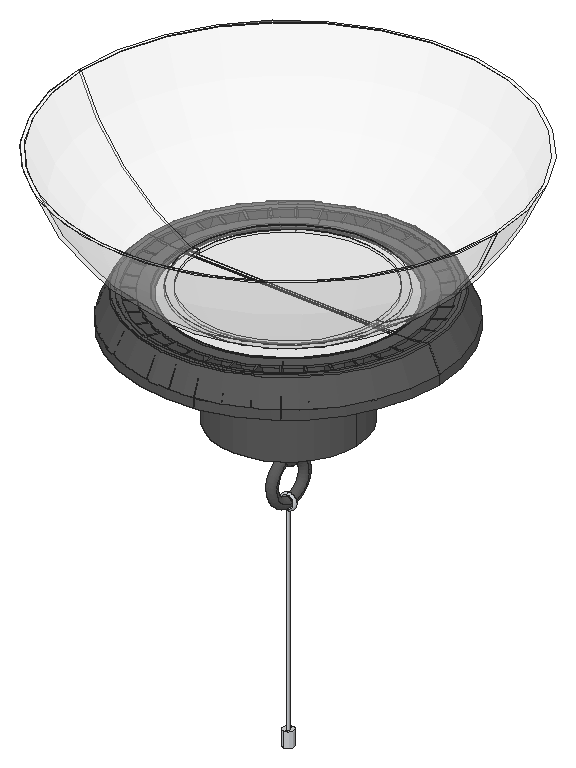
Revit family "0039348+0039358 Feilo Sylvania Lighting Fixture START HIGHBAY 4K 19KLM WIDE with PC LAMPSHADE TRANSPARENT 13_19KLM", category Lighting Fixtures, host Face, Revit 2017
Family settings
  Host = Face
  Round Connector Dimension = Use Diameter
  Part Type = Normal
  OmniClass Number = 23.80.70.00
  OmniClass Title = Lighting
  Cut with Voids When Loaded = No
  Light Source = Yes
  Shared = No
  Room Calculation Point = No
Parameters (values of type "0039348+0039358 START HIGHBAY 4K 19KLM WIDE PC LAMPSHADE TRANSPARENT 13/19KLM")
  WidthStraight_FEILO = if(SizeS_FEILO, 3 mm, if(SizeM_FEILO, 4 mm, 4.7 mm))  # 4 mm
  WidthRingChamfer_FEILO = if(SizeS_FEILO, 10.3 mm, if(SizeM_FEILO, 11.2 mm, 12.9 mm))  # 11.2 mm
  WidthCurved_FEILO = if(SizeS_FEILO, 17.4 mm, if(SizeM_FEILO, 16.4 mm, 26.2 mm))  # 16.4 mm
  WidthCurvedRing_FEILO = if(SizeS_FEILO, 3 mm, if(SizeM_FEILO, 4 mm, 4.7 mm))  # 4 mm
  WidthBracket_FEILO = 40 mm
  Weight = "3.4 kg"
  Wattage Comments = ""
  Wattage = 150 W
  WarrantyStartDate [instance] = "n/a"
  WarrantyGuarantorParts = "n/a"
  WarrantyDurationUnit = "n/a"
  WarrantyDurationParts = "n/a"
  WarrantyDescription = "n/a"
  built-in parameter 1150110 = 1 (stored number, unit not read)
  Voltage = 230 V
  VisibilityBracket_FEILO = no
  URL = "http://www.sylvania-lighting.com"
  TypeName = "START HIGHBAY 4K 19KLM WIDE PC LAMPSHADE TRANSPARENT 13/19KLM"
  Type Image = <None>
  Type Comments = "n/a"
  built-in parameter 1114217 = 1 (stored number, unit not read)
  Tilt Angle = -90.00°
  ThicknessWall_FEILO = 1.5 mm
  ThicknessBracket_FEILO = 1.5 mm
  ThicknessBracketHalf_FEILO = ThicknessBracket_FEILO / 2  # 0.75 mm
  built-in parameter 1150109 = 1 (stored number, unit not read)
  built-in parameter 1150134 = 12
  SuspensionHeight_FEILO [instance] = 400 mm
  built-in parameter 1150113 = 1 (stored number, unit not read)
  SizeS_FEILO = no
  SizeM_FEILO = yes
  ShadeThickness_FEILO = 3 mm
  ShadeSizeSM_FEILO = or(SizeS_FEILO, SizeM_FEILO)  # yes
  ShadeRadiusOut_FEILO = 205 mm
  ShadeRadiusIn_FEILO = if(ShadeSizeSM_FEILO, 95 mm, 121 mm)  # 95 mm
  ShadeRadiusBend_FEILO = if(ShadeSizeSM_FEILO, 210 mm, 210 mm)  # 210 mm
  ShadeHeight_FEILO = if(ShadeSizeSM_FEILO, 120 mm, 151 mm)  # 120 mm
  SerialNumber [instance] = "n/a"
  Rib4_FEILO = if(SizeS_FEILO, 18.1 mm, if(SizeM_FEILO, 13.6 mm, 14.6 mm))  # 13.6 mm
  Rib3_FEILO = if(SizeS_FEILO, 15.3 mm, if(SizeM_FEILO, 17.6 mm, 20.2 mm))  # 17.6 mm
  Rib2_FEILO = if(SizeS_FEILO, 3.6 mm, if(SizeM_FEILO, 3.9 mm, 4.5 mm))  # 3.9 mm
  Rib1_FEILO = if(SizeS_FEILO, 15.1 mm, if(SizeM_FEILO, 16.5 mm, 19 mm))  # 16.5 mm
  RadiusDiffuser_FEILO = if(SizeS_FEILO, 95.2 mm, if(SizeM_FEILO, 105.3 mm, 120 mm))  # 105.3 mm
  RadiusArrayPost_FEILO = DriverRadius_FEILO - 6 mm  # 61.2 mm
  RHRadius3_FEILO = if(SizeS_FEILO, 6.6 mm, if(SizeM_FEILO, 7.4 mm, 8.6 mm))  # 7.4 mm
  RHRadius2_FEILO = if(SizeS_FEILO, 11 mm, if(SizeM_FEILO, 12 mm, 14 mm))  # 12 mm
  RHRadius1_FEILO = if(SizeS_FEILO, 13.6 mm, if(SizeM_FEILO, 14.9 mm, 17.7 mm))  # 14.9 mm
  RHHeight4_FEILO = if(SizeS_FEILO, 7.3 mm, if(SizeM_FEILO, 8 mm, 9.2 mm))  # 8 mm
  RHHeight3_FEILO = if(SizeS_FEILO, 3.6 mm, if(SizeM_FEILO, 3.7 mm, 4.6 mm))  # 3.7 mm
  RHHeight2_FEILO = if(SizeS_FEILO, 2 mm, if(SizeM_FEILO, 2.2 mm, 2.6 mm))  # 2.2 mm
  RHHeight1_FEILO = if(SizeS_FEILO, 11.8 mm, if(SizeM_FEILO, 15.3 mm, 17.4 mm))  # 15.3 mm
  Photometric Web File = "0039348+0039358.ies"
  Material_5_FEILO = Shade-Sylvania-StartHighbay-PC
  Material_3_FEILO = LED-Sylvania-StartHighbay-Glow
  PowerFactor = 0.95
  PowerConsumption = "150 W"
  NominalLength = 296 mm
  NominalHeight = 177 mm
  NominalDepth = 296 mm
  Name = "START HIGHBAY 4K 19KLM WIDE PC LAMPSHADE TRANSPARENT 13/19KLM"
  ModelReference = Name  # "START HIGHBAY 4K 19KLM WIDE PC LAMPSHADE TRANSPARENT 13/19KLM"
  ModelNumber = "0039348+0039358"
  Model = Name  # "START HIGHBAY 4K 19KLM WIDE PC LAMPSHADE TRANSPARENT 13/19KLM"
  Material = "aluminium alloy housing, polycarbonate diffuser"
  ManufacturerName = "Feilo Sylvania"
  Manufacturer = "Feilo Sylvania"
  LuminousEfficacy = "130 lm/W"
  built-in parameter 1150105 = 10854.2 (stored number, unit not read)
  Lumens = 19500 lm
  LuminaireType = ""
  built-in parameter 1150115 = 1 (stored number, unit not read)
  LightOutputRatio = "n/a"
  built-in parameter 1150137 = (empty or 0)
  built-in parameter 1150139 = (empty or 0)
  LampsType = Lamp  # "LED"
  LampNominalLuminous = "19500 lm"
  LampMacAdamStep = "n/a"
  LampColourTemperature = "4000 K"
  LampColourRenderingIndex = "80"
  built-in parameter 1150112 = 1 (stored number, unit not read)
  built-in parameter 1150114 = 1 (stored number, unit not read)
  Lamp = "LED"
  Keynote = "16500"
  InstallationDate [instance] = "n/a"
  InputVoltage = "220-240V~"
  InputNominalFrequency = "50/60 Hz"
  built-in parameter 1150132 = (empty or 0)
  built-in parameter 1150102 = (empty or 0)
  built-in parameter 1150107 = 4000 (stored number, unit not read)
  built-in parameter 1150138 = (empty or 0)
  IngressProtection = "IP65"
  ImpactProtectionIndex = "IK08"
  built-in parameter 1150106 = 108.54 (stored number, unit not read)
  IfcExportType = "IfcLightFixtureType"
  IfcExportAs = "IfcLightFixtureType"
  HeightRing_FEILO = if(SizeS_FEILO, 19.8 mm, if(SizeM_FEILO, 32 mm, 36.8 mm))  # 32 mm
  HeightRingChamfer_FEILO = if(SizeS_FEILO, 11.7 mm, if(SizeM_FEILO, 23.2 mm, 26.6 mm))  # 23.2 mm
  EyeThickness_FEILO = if(SizeS_FEILO, 8.4 mm, if(SizeM_FEILO, 9.2 mm, 10.5 mm))  # 9.2 mm
  EyeThicknessHalf_FEILO = EyeThickness_FEILO / 2  # 4.6 mm
  EyeInner_FEILO = if(SizeS_FEILO, 13.8 mm, if(SizeM_FEILO, 15.1 mm, 17.3 mm))  # 15.1 mm
  ExpectedLife = 50000
  Emit from Circle Diameter = RadiusDiffuser_FEILO * 2  # 210.6 mm
  Emit Shape Visible in Rendering = no
  ElectricShockClassification = "Class I"
  built-in parameter 1150104 = 12.077 (stored number, unit not read)
  DurationUnit = "hours"
  DriverVerticalStraight_FEILO = if(SizeS_FEILO, 46.5 mm, if(SizeM_FEILO, 49.7 mm, 57 mm))  # 49.7 mm
  DriverVerticalChamfer_FEILO = if(SizeS_FEILO, 7.5 mm, if(SizeM_FEILO, 8.2 mm, 9.5 mm))  # 8.2 mm
  DriverRadius_FEILO = if(SizeS_FEILO, 61.4 mm, if(SizeM_FEILO, 67.2 mm, 76.4 mm))  # 67.2 mm
  DriverRadiusTop_FEILO = if(SizeS_FEILO, 42 mm, if(SizeM_FEILO, 45.3 mm, 52.4 mm))  # 45.3 mm
  DriverBottom_FEILO = if(SizeS_FEILO, 56 mm, if(SizeM_FEILO, 64.5 mm, 74 mm))  # 64.5 mm
  DocumentationLiterature = "http://www.sylvania-lighting.com/product/en-int/products/0039348"
  DimmingControlOptions = "n/a"
  Material_2_FEILO = Diffuser-Sylvania-StartHighbay-Transparent
  Radius_FEILO = if(SizeS_FEILO, 135 mm, if(SizeM_FEILO, 148 mm, 169.5 mm))  # 148 mm
  Dimming Lamp Color Temperature Shift = <None>
  DiameterWire_FEILO = 3 mm
  DiameterWireSupport_FEILO = 10 mm
  Description = "START HIGHBAY, includes 1 m cables, black aluminium housing, 19500LM, 150W, 130lm/W, 4000K, Driver current: 3210mA, CR80, 90° beam angle, 1-10V dimmable,  IP65, IK08, 50,000 hrs (L70B50), (LxWxH) 296x296x177mm"
  Default Elevation = 1219.2 mm
  CreatedOn = "2/28/2018"
  CreatedBy = ""
  Cost = 0
  Color Filter = 16777215
  built-in parameter 1114216 [instance] = (empty or 0)
  ClassificationValue = "EF_70_80"
  ClassificationName = "Uniclass2015"
  Material_1_FEILO = Body-Sylvania-StartHighbay-Black
  BarCode [instance] = "n/a"
  built-in parameter 1114218 = 1 (stored number, unit not read)
  built-in parameter 1150133 = 10 (stored number, unit not read)
  AssetType = "Fixed"
  AssetIdentifier [instance] = "n/a"
  Assembly Code = "D5020200"
  Apparent Load = 150 VA
  Material_4_FEILO = Shade-Sylvania-StartHighbay-PC
Reference planes
  plane 1 "Center (Front/Back)": y = 0
  plane 2: z = 0
  plane 3 "Center (Left/Right)": x = 0
  plane 4: z = 400
  plane 5: x = -148
  plane 6: x = -136.8
  plane 7: z = 376.8
  plane 8: z = 368
  plane 9: x = -132.8
  plane 10: z = 397.375
  plane 11: x = -116.4
  plane 12: x = -105.3
  plane 13: x = -128.8
  plane 14: z = 398.375
  plane 15: z = 396.375
  plane 16: x = -102.3
  plane 17: z = 395.375
  plane 18: x = -146.5
  plane 19: x = -131.5
  plane 20: z = 364.1
  plane 21: x = -113.9
  plane 22: z = 350.5
  plane 23: x = -20
  plane 24: z = 335.5
  plane 25: x = -67.2
  plane 26: z = 285.8
  plane 27: x = -45.3
  plane 28: z = 277.6
  plane 29: x = -14.9
  plane 30: z = 262.3
  plane 31: z = 260.1
  plane 32: x = -12
  plane 33: z = 256.4
  plane 34: z = 248.4
  plane 35: x = -7.4
  plane 36: z = 233.3
  plane 37: z = 218.2
  plane 38: x = 4.6
  plane 39: x = -4.6
  plane 40: z = 209
  plane 41: z = 213.6
  plane 42: x = -141.65
  plane 43: x = -145.5
  plane 44: z = 366.5
  plane 45: x = -135.3
  plane 46: z = 310.65
  plane 47: y = -20
  plane 48: y = 20
  plane 49: x = 148
  plane 50: x = 136.8
  plane 51: x = 146.5
  plane 52: x = 141.65
  plane 53: x = 145.5
  plane 54: x = 135.3
  plane 55: z = 221.2
  plane 56: y = 1.5
  plane 57: y = -1.5
  plane 58: z = 219.7
  plane 59: z = 207.5
  plane 60: z = 206
  plane 61: y = -5
  plane 62: y = 5
  plane 63: z = 14
  plane 64: x = -205
  plane 65: z = 520
  plane 66: x = -95
  plane 67: x = -87
  plane 68: x = -202
  plane 69: z = 403
Forms (mm)
  Revolve 1, solid, material "Body-Sylvania-StartHighbay-Black" <- "Material_1_FEILO", detail levels medium+fine
    sketch origin (0, 0, 0) x (1, 0, 0) y (0, 0, 1)
      loop
        line (-148, 368) -> (-146.5, 368) -> (-146.5, 376.457) -> (-136.402, 397.375) -> (-128.8, 397.375) -> (-128.8, 398.859)
        arc (-128.8, 398.859) -> (-130.811, 399.39) -> (-132.8, 400) r 52.543
        line (-132.8, 400) -> (-136.341, 400)
        arc (-136.341, 400) -> (-136.831, 399.825) -> (-137.099, 399.38) r 0.774
        line (-137.099, 399.38) -> (-148, 376.8) -> (-148, 368)
      axis (0, 400) -> (0, 368)
    angle from 360 to 0
  Revolve 2, solid, material "Body-Sylvania-StartHighbay-Black" <- "Material_1_FEILO", detail levels medium+fine
    sketch origin (0, 0, 0) x (1, 0, 0) y (0, 0, 1)
      loop
        line (-116.4, 395.375) -> (-105.3, 395.375) -> (-105.3, 376.8) -> (0, 376.8) -> (0, 395.375) -> (-102.3, 395.375) -> (-102.3, 396.375) -> (-105.3, 396.375) -> (-105.3, 397.375) -> (-116.4, 397.375) -> (-116.4, 395.375)
      axis (0, 397.375) -> (0, 376.8)
    angle from 360 to 0
  Revolve 3, solid, material "Diffuser-Sylvania-StartHighbay-Transparent" <- "Material_2_FEILO", detail levels medium+fine
    sketch origin (0, 0, 0) x (1, 0, 0) y (0, 0, 1)
      loop
        line (-105.3, 396.375) -> (0, 396.375) -> (0, 398.375) -> (-105.3, 398.375) -> (-105.3, 396.375)
      axis (0, 398.375) -> (0, 396.375)
    angle from 360 to 0
  Revolve 4, solid, material "Body-Sylvania-StartHighbay-Black" <- "Material_1_FEILO"
    sketch origin (0, 0, 0) x (1, 0, 0) y (0, 0, 1)
      loop
        line (-67.2, 350.5) -> (-67.2, 285.8) -> (-45.3, 277.6) -> (-14.9, 277.6) -> (-14.9, 262.3) -> (-12, 260.1) -> (-12, 256.4) -> (-7.837, 249.126)
        arc (-7.837, 249.126) -> (-7.29, 248.594) -> (-6.553, 248.4) r 1.5
        line (-6.553, 248.4) -> (0, 248.4) -> (0, 350.5) -> (-67.2, 350.5)
      axis (0, 350.5) -> (0, 248.4)
    angle from 360 to 0
  Revolve 5, solid, material "Body-Sylvania-StartHighbay-Black" <- "Material_1_FEILO"
    sketch origin (0, 0, 0) x (1, 0, 0) y (0, 0, 1)
      loop
        circle (0, 213.6) r 4.6
      axis (4.6, 233.3) -> (-4.6, 233.3)
    angle from 360 to 0
  Extrusion 6, solid, material "Body-Sylvania-StartHighbay-Black" <- "Material_1_FEILO", visible <- "VisibilityBracket_FEILO"
    sketch origin (0, 0, 0) x (1, 0, 0) y (0, 0, 1)
      loop
        line (-145.5, 368) -> (-145.5, 366.5) -> (-137.55, 366.5)
        arc (-137.55, 366.5) -> (-137.02, 366.28) -> (-136.8, 365.75) r 0.75
        line (-136.8, 365.75) -> (-136.8, 310.65) -> (-135.3, 310.65) -> (-135.3, 366.5)
        arc (-135.3, 366.5) -> (-135.739, 367.561) -> (-136.8, 368) r 1.5
        line (-136.8, 368) -> (-145.5, 368)
      loop
        line (145.5, 368) -> (136.8, 368)
        arc (136.8, 368) -> (135.739, 367.561) -> (135.3, 366.5) r 1.5
        line (135.3, 366.5) -> (135.3, 310.65) -> (136.8, 310.65) -> (136.8, 365.75)
        arc (136.8, 365.75) -> (137.02, 366.28) -> (137.55, 366.5) r 0.75
        line (137.55, 366.5) -> (145.5, 366.5) -> (145.5, 368)
    from -20 to 20
  Extrusion 7, void
    sketch origin (0, 0, 0) x (0, 1, 0) y (0, 0, 1)
      loop
        arc (-10, 310.65) -> (-17.071, 313.579) -> (-20, 320.65) r 10
        line (-20, 320.65) -> (-25, 320.65) -> (-25, 305.65) -> (-10, 305.65) -> (-10, 310.65)
      loop
        line (10, 310.65) -> (10, 305.65) -> (25, 305.65) -> (25, 320.65) -> (20, 320.65)
        arc (20, 320.65) -> (17.071, 313.579) -> (10, 310.65) r 10
    from -136.8 to 136.8
  Revolve 8, solid, material "Body-Sylvania-StartHighbay-Black" <- "Material_1_FEILO", detail levels coarse
    sketch origin (0, 0, 0) x (1, 0, 0) y (0, 0, 1)
      loop
        line (0, 400) -> (-136.8, 400) -> (-148, 376.8) -> (-148, 368) -> (-131.5, 368) -> (-131.5, 364.1) -> (-113.9, 350.5) -> (0, 350.5) -> (0, 400)
      axis (0, 400) -> (0, 350.5)
    angle from 360 to 0
  Revolve 9, solid
    sketch origin (0, 0, 0) x (0, 1, 0) y (0, 0, 1)
      loop
        circle (0, 219.7) r 1.5
      axis (1.5, 213.6) -> (-1.5, 213.6)
    angle from 360 to 0
  Revolve 10, solid
    sketch origin (0, 0, 0) x (0, 1, 0) y (0, 0, 1)
      loop
        line (0, 0) -> (0, 207.5) -> (-1.5, 207.5) -> (-1.5, 14) -> (-5, 14) -> (-5, 0) -> (0, 0)
      axis (0, 0) -> (0, 207.5)
    angle from 360 to 0
  Revolve 11, solid, material "Shade-Sylvania-StartHighbay-PC" <- "Material_4_FEILO"
    sketch origin (0, 0, 0) x (1, 0, 0) y (0, 0, 1)
      loop
        line (-95, 400) -> (-87, 400) -> (-87, 403) -> (-94.341, 403)
        arc (-94.341, 403) -> (-159.747, 450.78) -> (-201.81, 520) r 207
        line (-201.81, 520) -> (-205, 520)
        arc (-205, 520) -> (-162.101, 448.908) -> (-95, 400) r 210
      axis (0, 520) -> (0, 400)
    angle from 360 to 0
Cuts and joins
  Extrusion 7 cuts Extrusion 6
Lines and regions (mm)
  reference lines
    curve 1: line (-148, 0, 376.8) -> (-136.8, 0, 400)
    curve 2: line (-116.4, 0, 397.375) -> (0, 0, 397.375)
    curve 3: arc (-116.4, 0, 397.375) -> (-124.704, 0, 398.035) -> (-132.8, 0, 400) r 52.543
    curve 4: line (-136.8, 0, 400) -> (-132.8, 0, 400)
    curve 5: line (-136.402, 0, 397.375) -> (-146.5, 0, 376.457)
    curve 6: line (-131.5, 0, 364.1) -> (-113.9, 0, 350.5)
    curve 7: line (-12, 0, 256.4) -> (-7.4, 0, 248.4)
    curve 8: circle (0, 0, 213.6) r 4.6 normal (0, -1, 0)
    curve 9: arc (-95, 0, 400) -> (-162.101, 0, 448.908) -> (-205, 0, 520) r 210
Dimensions and locks
  "Radius_FEILO": plane 3 "Center (Left/Right)" to plane 5
  "WidthRingChamfer_FEILO": plane 6 to plane 5
  "WidthStraight_FEILO": plane 9 to plane 6
  "WidthCurvedRing_FEILO": plane 13 to plane 9
  locked: plane 10 to plane 15 at 1
  locked: plane 14 to plane 10 at 1
  locked: plane 4 to plane 10 at 2.625
  locked: plane 15 to plane 17 at 1
  "ThicknessWall_FEILO": plane 18 to plane 5
  "ThicknessWall_FEILO": curve 5 to curve 1
  "HeightRingChamfer_FEILO": plane 4 to plane 7
  "HeightRing_FEILO": plane 4 to plane 8
  "RadiusDiffuser_FEILO": plane 3 "Center (Left/Right)" to plane 12
  locked: plane 16 to plane 12 at 3
  "WidthCurved_FEILO": plane 11 to plane 9
  "SuspensionHeight_FEILO": plane 4 to plane 2
  "Rib1_FEILO": plane 19 to plane 5
  "Rib2_FEILO": plane 8 to plane 20
  "Rib3_FEILO": plane 21 to plane 19
  "Rib4_FEILO": plane 20 to plane 22
  locked: plane 3 "Center (Left/Right)" to plane 23 at 20
  "DriverBottom_FEILO": plane 4 to plane 24
  "DriverRadius_FEILO": plane 3 "Center (Left/Right)" to plane 25
  "DriverVerticalStraight_FEILO": plane 24 to plane 26
  "DriverRadiusTop_FEILO": plane 3 "Center (Left/Right)" to plane 27
  "DriverVerticalChamfer_FEILO": plane 26 to plane 28
  "RHRadius1_FEILO": plane 3 "Center (Left/Right)" to plane 29
  "RHHeight2_FEILO": plane 30 to plane 31
  "RHRadius2_FEILO": plane 3 "Center (Left/Right)" to plane 32
  "RHHeight3_FEILO": plane 31 to plane 33
  "RHHeight4_FEILO": plane 33 to plane 34
  "RHRadius3_FEILO": plane 3 "Center (Left/Right)" to plane 35
  "RHHeight1_FEILO": plane 28 to plane 30
  "EyeInner_FEILO": plane 34 to plane 36
  "EyeInner_FEILO": plane 36 to plane 37
  equal spacing: plane 38, plane 3 "Center (Left/Right)", plane 39
  "EyeThickness_FEILO": plane 38 to plane 39
  "EyeThickness_FEILO": plane 37 to plane 40
  equal spacing: plane 37, plane 41, plane 40
  equal spacing: plane 6, plane 42, plane 18
  "ThicknessBracket_FEILO": plane 45 to plane 6
  "ThicknessBracket_FEILO": plane 8 to plane 44
  locked: plane 43 to plane 18 at 1
  equal spacing: plane 24, plane 46, plane 26
  equal spacing: plane 47, plane 1 "Center (Front/Back)", plane 48
  "WidthBracket_FEILO": plane 47 to plane 48
  "WidthRingChamfer_FEILO": plane 50 to plane 49
  "ThicknessWall_FEILO": plane 51 to plane 49
  equal spacing: plane 50, plane 52, plane 51
  "ThicknessBracket_FEILO": plane 54 to plane 50
  locked: plane 53 to plane 51 at 1
  "Radius_FEILO": plane 49 to plane 3 "Center (Left/Right)"
  equal spacing: plane 57, imposter light, plane 56
  "DiameterWire_FEILO": plane 57 to plane 56
  "DiameterWire_FEILO": plane 37 to plane 55
  equal spacing: plane 37, plane 58, plane 55
  "DiameterWire_FEILO": plane 60 to plane 40
  equal spacing: plane 60, plane 59, plane 40
  equal spacing: plane 61, plane 1 "Center (Front/Back)", plane 62
  "DiameterWireSupport_FEILO": plane 61 to plane 62
  locked: plane 63 to plane 2 at 14
  "ShadeRadiusOut_FEILO": plane 3 "Center (Left/Right)" to plane 64
  "ShadeHeight_FEILO": plane 65 to plane 4
  "ShadeRadiusIn_FEILO": plane 3 "Center (Left/Right)" to plane 66
  locked: plane 67 to plane 66 at 8
  "ShadeThickness_FEILO": plane 69 to plane 4
  "ShadeThickness_FEILO": plane 68 to plane 64
  "EyeThicknessHalf_FEILO": radius of curve 8
  "ThicknessBracket_FEILO": radius of Extrusion 6 sketch curve  (x2)
  "ThicknessBracketHalf_FEILO": radius of Extrusion 6 sketch curve  (x2)
  "DiameterWire_FEILO": diameter of Revolve 9 sketch curve
  "ShadeRadiusBend_FEILO": radius of curve 9
  aligned and locked: plane 2 to host face
  aligned and locked: level to host face
  aligned and locked: plane 5 to curve 1
  aligned and locked: plane 6 to curve 1
  aligned and locked: plane 7 to curve 1
  aligned and locked: plane 10 to curve 2
  aligned and locked: plane 9 to curve 3
  aligned and locked: plane 4 to curve 3
  aligned and locked: plane 11 to curve 3
  aligned and locked: plane 4 to curve 4
  aligned and locked: plane 18 to curve 5
  aligned and locked: plane 10 to curve 5
  aligned and locked: Revolve 1 sketch curve to plane 3 "Center (Left/Right)"
  aligned and locked: Revolve 1 sketch curve to curve 3
  aligned and locked: Revolve 1 sketch curve to curve 1
  aligned and locked: plane 4 to Revolve 1 sketch curve
  aligned and locked: plane 9 to Revolve 1 sketch curve
  aligned and locked: Revolve 1 sketch curve to plane 13
  aligned and locked: Revolve 1 sketch curve to plane 10
  aligned and locked: plane 13 to Revolve 1 sketch curve
  aligned and locked: plane 10 to Revolve 1 sketch curve
  aligned and locked: Revolve 1 sketch curve to plane 18
  aligned and locked: Revolve 1 sketch curve to plane 8
  aligned and locked: plane 5 to Revolve 1 sketch curve  (x2)
  aligned and locked: Revolve 2 sketch curve to plane 3 "Center (Left/Right)"
  aligned and locked: plane 11 to Revolve 2 sketch curve
  aligned and locked: Revolve 2 sketch curve to curve 2
  aligned and locked: plane 15 to Revolve 2 sketch curve
  aligned and locked: Revolve 2 sketch curve to plane 16
  aligned and locked: plane 17 to Revolve 2 sketch curve  (x2)
  aligned and locked: Revolve 2 sketch curve to plane 12
  aligned and locked: plane 7 to Revolve 2 sketch curve
  aligned and locked: Revolve 3 sketch curve to plane 3 "Center (Left/Right)"
  aligned and locked: Revolve 3 sketch curve to plane 14
  aligned and locked: plane 3 "Center (Left/Right)" to Revolve 3 sketch curve
  aligned and locked: Revolve 3 sketch curve to plane 12
  aligned and locked: plane 15 to Revolve 3 sketch curve
  aligned and locked: Revolve 1 sketch curve to curve 5
  aligned and locked: plane 22 to curve 6
  aligned and locked: plane 21 to curve 6
  aligned and locked: plane 20 to curve 6
  aligned and locked: plane 19 to curve 6
  aligned and locked: plane 33 to curve 7
  aligned and locked: plane 32 to curve 7
  aligned and locked: plane 35 to curve 7
  aligned and locked: plane 34 to curve 7
  aligned and locked: Revolve 4 sketch curve to plane 3 "Center (Left/Right)"
  aligned and locked: Revolve 4 sketch curve to plane 25
  aligned and locked: plane 27 to Revolve 4 sketch curve
  aligned and locked: plane 28 to Revolve 4 sketch curve
  aligned and locked: plane 30 to Revolve 4 sketch curve
  aligned and locked: Revolve 4 sketch curve to plane 29
  aligned and locked: plane 31 to Revolve 4 sketch curve
  aligned and locked: Revolve 4 sketch curve to curve 7
  aligned and locked: Revolve 4 sketch curve to plane 32
  aligned and locked: plane 34 to Revolve 4 sketch curve
  aligned and locked: plane 3 "Center (Left/Right)" to Revolve 4 sketch curve
  aligned and locked: plane 3 "Center (Left/Right)" to curve 8
  aligned and locked: plane 41 to curve 8
  aligned and locked: Revolve 5 sketch curve to plane 36
  aligned and locked: Revolve 5 sketch curve to curve 8
  aligned and locked: plane 43 to Extrusion 6 sketch curve  (x2)
  aligned and locked: plane 8 to Extrusion 6 sketch curve  (x3)
  aligned and locked: Extrusion 6 sketch curve to plane 45
  aligned and locked: Extrusion 6 sketch curve to plane 46  (x2)
  aligned and locked: plane 6 to Extrusion 6 sketch curve
  aligned and locked: Extrusion 6 sketch curve to plane 44  (x2)
  aligned and locked: Extrusion 6 to plane 48
  aligned and locked: plane 47 to Extrusion 6
  aligned and locked: plane 53 to Extrusion 6 sketch curve
  aligned and locked: plane 50 to Extrusion 6 sketch curve
  aligned and locked: Extrusion 6 sketch curve to plane 54
  aligned and locked: Extrusion 7 sketch curve to Extrusion 7 sketch curve
  aligned and locked: Extrusion 7 to plane 6
  aligned and locked: Extrusion 7 to Extrusion 6
  aligned and locked: Revolve 4 sketch curve to plane 22
  aligned and locked: plane 23 to nested 1
  aligned and locked: plane 1 "Center (Front/Back)" to nested 1
  aligned and locked: Revolve 8 sketch curve to plane 3 "Center (Left/Right)"
  aligned and locked: Revolve 8 sketch curve to plane 4
  aligned and locked: plane 6 to Revolve 8 sketch curve
  aligned and locked: plane 4 to Revolve 8 sketch curve
  aligned and locked: plane 7 to Revolve 8 sketch curve
  aligned and locked: Revolve 8 sketch curve to plane 5
  aligned and locked: plane 8 to Revolve 8 sketch curve  (x2)
  aligned and locked: Revolve 8 sketch curve to plane 19
  aligned and locked: plane 20 to Revolve 8 sketch curve
  aligned and locked: plane 19 to Revolve 8 sketch curve
  aligned and locked: plane 21 to Revolve 8 sketch curve
  aligned and locked: plane 22 to Revolve 8 sketch curve  (x2)
  aligned and locked: Revolve 8 sketch curve to Revolve 8 sketch curve
  aligned and locked: imposter light to plane 4
  aligned and locked: plane 3 "Center (Left/Right)" to imposter light
  aligned and locked: imposter light to plane 1 "Center (Front/Back)"
  aligned and locked: Revolve 9 sketch curve to plane 41
  aligned and locked: Revolve 10 sketch curve to plane 1 "Center (Front/Back)"
  aligned and locked: plane 1 "Center (Front/Back)" to Revolve 10 sketch curve  (x2)
  aligned and locked: host face to Revolve 10 sketch curve
  aligned and locked: plane 63 to Revolve 10 sketch curve
  aligned and locked: Revolve 10 sketch curve to plane 61
  aligned and locked: Revolve 10 sketch curve to plane 57
  aligned and locked: plane 59 to Revolve 10 sketch curve
  aligned and locked: plane 64 to curve 9
  aligned and locked: plane 65 to curve 9
  aligned and locked: plane 66 to curve 9
  aligned and locked: plane 4 to curve 9
  aligned and locked: Revolve 11 sketch curve to curve 9
  aligned and locked: plane 67 to Revolve 11 sketch curve
  aligned and locked: plane 66 to Revolve 11 sketch curve
  aligned and locked: plane 65 to Revolve 11 sketch curve  (x2)
  aligned and locked: Revolve 11 sketch curve to plane 67
  aligned and locked: plane 69 to Revolve 11 sketch curve
Automatic sketch dimensions
  host sketch curve to host sketch curve = 2438.4 mm  (x2)
  Revolve 1 sketch curve to plane 6 = 0.299 mm
  plane 6 to Revolve 1 sketch curve = 0.459 mm
  Revolve 1 sketch curve to level = 609.6 mm
  Revolve 1 sketch curve to Revolve 1 sketch curve = 2312.223 mm
  Revolve 2 sketch curve to plane 12 = 0 mm
  Revolve 2 sketch curve to plane 3 "Center (Left/Right)" = 0 mm
  Revolve 2 sketch curve to level = 609.6 mm
  Revolve 2 sketch curve to plane 4 = 2339.058 mm
  Revolve 3 sketch curve to level = 609.6 mm
  Revolve 3 sketch curve to plane 4 = 2339.058 mm
  Revolve 5 sketch curve to plane 5 = 1080 mm
  plane 38 to Revolve 5 sketch curve = 1219.2 mm
  Extrusion 7 sketch curve to plane 47 = 0 mm
  plane 46 to Extrusion 7 sketch curve = 0 mm  (x2)
  Extrusion 7 sketch curve to plane 48 = 0 mm
  plane 47 to Extrusion 7 sketch curve = 5 mm
  plane 1 "Center (Front/Back)" to Extrusion 7 sketch curve = 10 mm
  Extrusion 7 sketch curve to Extrusion 7 sketch curve = 10 mm
  plane 46 to Extrusion 7 sketch curve = 5 mm
  Extrusion 7 sketch curve to Extrusion 7 sketch curve = 5 mm
  Extrusion 7 sketch curve to plane 48 = 5 mm
  Revolve 4 sketch curve to plane 26 = 0 mm
  Revolve 4 sketch curve to plane 35 = 0.437 mm
  plane 35 to Revolve 4 sketch curve = 0.847 mm
  Revolve 4 sketch curve to plane 34 = 0.726 mm
  plane 40 to Revolve 4 sketch curve = 590.2 mm
  Revolve 4 sketch curve to plane 4 = 2339.058 mm
  Revolve 8 sketch curve to level = 609.6 mm
  Revolve 8 sketch curve to Revolve 8 sketch curve = 2386.058 mm
  Revolve 9 sketch curve to plane 1 "Center (Front/Back)" = 0 mm
  plane 58 to Revolve 9 sketch curve = 0 mm
  plane 47 to Revolve 9 sketch curve = 2534.941 mm
  Revolve 9 sketch curve to plane 48 = 2077.409 mm
  Revolve 10 sketch curve to Revolve 10 sketch curve = 609.6 mm
  Revolve 10 sketch curve to plane 4 = 2123.807 mm
  curve 2 to plane 3 "Center (Left/Right)" = 0 mm
  Revolve 11 sketch curve to Revolve 11 sketch curve = 0 mm  (x2)
  Revolve 11 sketch curve to plane 3 "Center (Left/Right)" = 0 mm
  plane 66 to Revolve 11 sketch curve = 0.659 mm
  Revolve 11 sketch curve to level = 609.6 mm
  Revolve 11 sketch curve to Revolve 11 sketch curve = 2068.248 mm
Nested families
  nested 1: "Start Highbay Rib" at (0, 0, 397.375), type "Type Name", detail levels medium+fine
    with SuspensionHeight_FEILO 2.6 mm
  nested 2: "Start Highbay Rib" at (0, 0, 397.375) x (0.9877, 0.1564, 0) z (0, 0, 1), type "Type Name", detail levels medium+fine
    with SuspensionHeight_FEILO 2.6 mm
  nested 3: "Start Highbay Rib" at (0, 0, 397.375) x (0.9511, 0.309, 0) z (0, 0, 1), type "Type Name", detail levels medium+fine
    with SuspensionHeight_FEILO 2.6 mm
  nested 4: "Start Highbay Rib" at (0, 0, 397.375) x (0.891, 0.454, 0) z (0, 0, 1), type "Type Name", detail levels medium+fine
    with SuspensionHeight_FEILO 2.6 mm
  nested 5: "Start Highbay Rib" at (0, 0, 397.375) x (0.809, 0.5878, 0) z (0, 0, 1), type "Type Name", detail levels medium+fine
    with SuspensionHeight_FEILO 2.6 mm
  nested 6: "Start Highbay Rib" at (0, 0, 397.375) x (0.7071, 0.7071, 0) z (0, 0, 1), type "Type Name", detail levels medium+fine
    with SuspensionHeight_FEILO 2.6 mm
  nested 7: "Start Highbay Rib" at (0, 0, 397.375) x (0.5878, 0.809, 0) z (0, 0, 1), type "Type Name", detail levels medium+fine
    with SuspensionHeight_FEILO 2.6 mm
  nested 8: "Start Highbay Rib" at (0, 0, 397.375) x (0.454, 0.891, 0) z (0, 0, 1), type "Type Name", detail levels medium+fine
    with SuspensionHeight_FEILO 2.6 mm
  nested 9: "Start Highbay Rib" at (0, 0, 397.375) x (0.309, 0.9511, 0) z (0, 0, 1), type "Type Name", detail levels medium+fine
    with SuspensionHeight_FEILO 2.6 mm
  nested 10: "Start Highbay Rib" at (0, 0, 397.375) x (0.1564, 0.9877, 0) z (0, 0, 1), type "Type Name", detail levels medium+fine
    with SuspensionHeight_FEILO 2.6 mm
  nested 11: "Start Highbay Rib" at (0, 0, 397.375) x (0, 1, 0) z (0, 0, 1), type "Type Name", detail levels medium+fine
    with SuspensionHeight_FEILO 2.6 mm
  nested 12: "Start Highbay Rib" at (0, 0, 397.375) x (-0.1564, 0.9877, 0) z (0, 0, 1), type "Type Name", detail levels medium+fine
    with SuspensionHeight_FEILO 2.6 mm
  nested 13: "Start Highbay Rib" at (0, 0, 397.375) x (-0.309, 0.9511, 0) z (0, 0, 1), type "Type Name", detail levels medium+fine
    with SuspensionHeight_FEILO 2.6 mm
  nested 14: "Start Highbay Rib" at (0, 0, 397.375) x (-0.454, 0.891, 0) z (0, 0, 1), type "Type Name", detail levels medium+fine
    with SuspensionHeight_FEILO 2.6 mm
  nested 15: "Start Highbay Rib" at (0, 0, 397.375) x (-0.5878, 0.809, 0) z (0, 0, 1), type "Type Name", detail levels medium+fine
    with SuspensionHeight_FEILO 2.6 mm
  nested 16: "Start Highbay Rib" at (0, 0, 397.375) x (-0.7071, 0.7071, 0) z (0, 0, 1), type "Type Name", detail levels medium+fine
    with SuspensionHeight_FEILO 2.6 mm
  nested 17: "Start Highbay Rib" at (0, 0, 397.375) x (-0.809, 0.5878, 0) z (0, 0, 1), type "Type Name", detail levels medium+fine
    with SuspensionHeight_FEILO 2.6 mm
  nested 18: "Start Highbay Rib" at (0, 0, 397.375) x (-0.891, 0.454, 0) z (0, 0, 1), type "Type Name", detail levels medium+fine
    with SuspensionHeight_FEILO 2.6 mm
  nested 19: "Start Highbay Rib" at (0, 0, 397.375) x (-0.9511, 0.309, 0) z (0, 0, 1), type "Type Name", detail levels medium+fine
    with SuspensionHeight_FEILO 2.6 mm
  nested 20: "Start Highbay Rib" at (0, 0, 397.375) x (-0.9877, 0.1564, 0) z (0, 0, 1), type "Type Name", detail levels medium+fine
    with SuspensionHeight_FEILO 2.6 mm
  nested 21: "Start Highbay Rib" at (0, 0, 397.375) x (-1, 0, 0) z (0, 0, 1), type "Type Name", detail levels medium+fine
    with SuspensionHeight_FEILO 2.6 mm
  nested 22: "Start Highbay Rib" at (0, 0, 397.375) x (-0.9877, -0.1564, 0) z (0, 0, 1), type "Type Name", detail levels medium+fine
    with SuspensionHeight_FEILO 2.6 mm
  nested 23: "Start Highbay Rib" at (0, 0, 397.375) x (-0.9511, -0.309, 0) z (0, 0, 1), type "Type Name", detail levels medium+fine
    with SuspensionHeight_FEILO 2.6 mm
  nested 24: "Start Highbay Rib" at (0, 0, 397.375) x (-0.891, -0.454, 0) z (0, 0, 1), type "Type Name", detail levels medium+fine
    with SuspensionHeight_FEILO 2.6 mm
  nested 25: "Start Highbay Rib" at (0, 0, 397.375) x (-0.809, -0.5878, 0) z (0, 0, 1), type "Type Name", detail levels medium+fine
    with SuspensionHeight_FEILO 2.6 mm
  nested 26: "Start Highbay Rib" at (0, 0, 397.375) x (-0.7071, -0.7071, 0) z (0, 0, 1), type "Type Name", detail levels medium+fine
    with SuspensionHeight_FEILO 2.6 mm
  nested 27: "Start Highbay Rib" at (0, 0, 397.375) x (-0.5878, -0.809, 0) z (0, 0, 1), type "Type Name", detail levels medium+fine
    with SuspensionHeight_FEILO 2.6 mm
  nested 28: "Start Highbay Rib" at (0, 0, 397.375) x (-0.454, -0.891, 0) z (0, 0, 1), type "Type Name", detail levels medium+fine
    with SuspensionHeight_FEILO 2.6 mm
  nested 29: "Start Highbay Rib" at (0, 0, 397.375) x (-0.309, -0.9511, 0) z (0, 0, 1), type "Type Name", detail levels medium+fine
    with SuspensionHeight_FEILO 2.6 mm
  nested 30: "Start Highbay Rib" at (0, 0, 397.375) x (-0.1564, -0.9877, 0) z (0, 0, 1), type "Type Name", detail levels medium+fine
    with SuspensionHeight_FEILO 2.6 mm
  nested 31: "Start Highbay Rib" at (0, 0, 397.375) x (0, -1, 0) z (0, 0, 1), type "Type Name", detail levels medium+fine
    with SuspensionHeight_FEILO 2.6 mm
  nested 32: "Start Highbay Rib" at (0, 0, 397.375) x (0.1564, -0.9877, 0) z (0, 0, 1), type "Type Name", detail levels medium+fine
    with SuspensionHeight_FEILO 2.6 mm
  nested 33: "Start Highbay Rib" at (0, 0, 397.375) x (0.309, -0.9511, 0) z (0, 0, 1), type "Type Name", detail levels medium+fine
    with SuspensionHeight_FEILO 2.6 mm
  nested 34: "Start Highbay Rib" at (0, 0, 397.375) x (0.454, -0.891, 0) z (0, 0, 1), type "Type Name", detail levels medium+fine
    with SuspensionHeight_FEILO 2.6 mm
  nested 35: "Start Highbay Rib" at (0, 0, 397.375) x (0.5878, -0.809, 0) z (0, 0, 1), type "Type Name", detail levels medium+fine
    with SuspensionHeight_FEILO 2.6 mm
  nested 36: "Start Highbay Rib" at (0, 0, 397.375) x (0.7071, -0.7071, 0) z (0, 0, 1), type "Type Name", detail levels medium+fine
    with SuspensionHeight_FEILO 2.6 mm
  nested 37: "Start Highbay Rib" at (0, 0, 397.375) x (0.809, -0.5878, 0) z (0, 0, 1), type "Type Name", detail levels medium+fine
    with SuspensionHeight_FEILO 2.6 mm
  nested 38: "Start Highbay Rib" at (0, 0, 397.375) x (0.891, -0.454, 0) z (0, 0, 1), type "Type Name", detail levels medium+fine
    with SuspensionHeight_FEILO 2.6 mm
  nested 39: "Start Highbay Rib" at (0, 0, 397.375) x (0.9511, -0.309, 0) z (0, 0, 1), type "Type Name", detail levels medium+fine
    with SuspensionHeight_FEILO 2.6 mm
  nested 40: "Start Highbay Rib" at (0, 0, 397.375) x (0.9877, -0.1564, 0) z (0, 0, 1), type "Type Name", detail levels medium+fine
    with SuspensionHeight_FEILO 2.6 mm
Connectors
  electrical at (0, 0, 0), driven by "Apparent Load", driven by "PowerFactor", driven by "Voltage"
    settings: index 1, voltage 230 V, apparent load 150 VA, apparent load phase1 0 VA, apparent load phase2 0 VA, apparent load phase3 0 VA, power factor 0.95, load classification "Lighting", number of poles 1, system type 30, power factor state 1, is connector primary yes, connector utility no, sub classification motor no, connector description ""
Definition of nested family "Start Highbay Rib"
  Parameters (values of type "Type Name")
    WidthStraight_FEILO = if(SizeS_FEILO, 3 mm, if(SizeM_FEILO, 4 mm, 4.7 mm))  # 3 mm
    WidthRingChamfer_FEILO = if(SizeS_FEILO, 10.3 mm, if(SizeM_FEILO, 11.2 mm, 12.9 mm))  # 10.3 mm
    WidthCurved_FEILO = if(SizeS_FEILO, 17.4 mm, if(SizeM_FEILO, 16.4 mm, 26.2 mm))  # 17.4 mm
    WidthCurvedRing_FEILO = if(SizeS_FEILO, 3 mm, if(SizeM_FEILO, 4 mm, 4.7 mm))  # 3 mm
    WidthBracket_FEILO = 40 mm
    URL = "http://www.feilosylvania.com"
    Type Image = (empty or 0)
    Type Comments = "n/a"
    ThicknessWall_FEILO = 1.5 mm
    ThicknessBracket_FEILO = 1.5 mm
    ThicknessBracketHalf_FEILO = ThicknessBracket_FEILO / 2  # 0.75 mm
    SuspensionHeight_FEILO [instance] = 2.6 mm
    SizeS_FEILO = yes
    SizeM_FEILO = no
    Rib4_FEILO = if(SizeS_FEILO, 18.1 mm, if(SizeM_FEILO, 13.6 mm, 14.6 mm))  # 18.1 mm
    Rib3_FEILO = if(SizeS_FEILO, 15.3 mm, if(SizeM_FEILO, 17.6 mm, 20.2 mm))  # 15.3 mm
    Rib2_FEILO = if(SizeS_FEILO, 3.6 mm, if(SizeM_FEILO, 3.9 mm, 4.5 mm))  # 3.6 mm
    Rib1_FEILO = if(SizeS_FEILO, 15.1 mm, if(SizeM_FEILO, 16.5 mm, 19 mm))  # 15.1 mm
    RadiusRib_FEILO = 2 mm
    RadiusDiffuser_FEILO = if(SizeS_FEILO, 95.2 mm, if(SizeM_FEILO, 105.3 mm, 120 mm))  # 95.2 mm
    RHRadius3_FEILO = if(SizeS_FEILO, 6.6 mm, if(SizeM_FEILO, 7.4 mm, 8.6 mm))  # 6.6 mm
    RHRadius2_FEILO = if(SizeS_FEILO, 11 mm, if(SizeM_FEILO, 12 mm, 14 mm))  # 11 mm
    RHRadius1_FEILO = if(SizeS_FEILO, 13.6 mm, if(SizeM_FEILO, 14.9 mm, 17.7 mm))  # 13.6 mm
    RHHeight4_FEILO = if(SizeS_FEILO, 7.3 mm, if(SizeM_FEILO, 8 mm, 9.2 mm))  # 7.3 mm
    RHHeight3_FEILO = if(SizeS_FEILO, 3.6 mm, if(SizeM_FEILO, 3.7 mm, 4.6 mm))  # 3.6 mm
    RHHeight2_FEILO = if(SizeS_FEILO, 2 mm, if(SizeM_FEILO, 2.2 mm, 2.6 mm))  # 2 mm
    RHHeight1_FEILO = if(SizeS_FEILO, 11.8 mm, if(SizeM_FEILO, 15.3 mm, 17.4 mm))  # 11.8 mm
    Material_3_FEILO = none
    Model = ""
    Manufacturer = "Feilo Sylvania"
    Keynote = "16500"
    HeightRing_FEILO = if(SizeS_FEILO, 19.8 mm, if(SizeM_FEILO, 32 mm, 36.8 mm))  # 19.8 mm
    HeightRingChamfer_FEILO = if(SizeS_FEILO, 11.7 mm, if(SizeM_FEILO, 23.2 mm, 26.6 mm))  # 11.7 mm
    EyeThickness_FEILO = if(SizeS_FEILO, 8.4 mm, if(SizeM_FEILO, 9.2 mm, 10.5 mm))  # 8.4 mm
    EyeThicknessHalf_FEILO = EyeThickness_FEILO / 2  # 4.2 mm
    EyeInner_FEILO = if(SizeS_FEILO, 13.8 mm, if(SizeM_FEILO, 15.1 mm, 17.3 mm))  # 13.8 mm
    DriverVerticalStraight_FEILO = if(SizeS_FEILO, 46.5 mm, if(SizeM_FEILO, 49.7 mm, 57 mm))  # 46.5 mm
    DriverVerticalChamfer_FEILO = if(SizeS_FEILO, 7.5 mm, if(SizeM_FEILO, 8.2 mm, 9.5 mm))  # 7.5 mm
    DriverRadius_FEILO = if(SizeS_FEILO, 61.4 mm, if(SizeM_FEILO, 67.2 mm, 76.4 mm))  # 61.4 mm
    DriverRadiusTop_FEILO = if(SizeS_FEILO, 42 mm, if(SizeM_FEILO, 45.3 mm, 52.4 mm))  # 42 mm
    DriverBottom_FEILO = if(SizeS_FEILO, 56 mm, if(SizeM_FEILO, 64.5 mm, 74 mm))  # 56 mm
    Material_2_FEILO = none
    Radius_FEILO = if(SizeS_FEILO, 135 mm, if(SizeM_FEILO, 148 mm, 169.5 mm))  # 135 mm
    Description = ""
    Default Elevation = 1219.2 mm
    Cost = 0
    Material_1_FEILO = none
    Assembly Code = "D5020200"
    Material_4_FEILO = none
  Reference planes
    plane 1 "Center (Front/Back)": y = 0
    plane 2: z = 0
    plane 3 "Center (Left/Right)": x = 0
    plane 4: z = 2.6
    plane 5: x = -135
    plane 6: x = -124.7
    plane 7: z = -9.1
    plane 8: z = -17.2
    plane 9: x = -121.7
    plane 10: z = -0.025
    plane 11: x = -104.3
    plane 12: x = -95.2
    plane 13: x = -118.7
    plane 14: z = 0.975
    plane 15: z = -1.025
    plane 16: x = -92.2
    plane 17: z = -2.025
    plane 18: x = -133.5
    plane 19: x = -119.9
    plane 20: z = -20.8
    plane 21: x = -104.6
    plane 22: z = -38.9
    plane 23: x = -20
    plane 24: z = -53.4
    plane 25: x = -61.4
    plane 26: z = -99.9
    plane 27: x = -42
    plane 28: z = -107.4
    plane 29: x = -13.6
    plane 30: z = -119.2
    plane 31: z = -121.2
    plane 32: x = -11
    plane 33: z = -124.8
    plane 34: z = -132.1
    plane 35: x = -6.6
    plane 36: z = -145.9
    plane 37: z = -159.7
    plane 38: x = 4.2
    plane 39: x = -4.2
    plane 40: z = -168.1
    plane 41: z = -163.9
    plane 42: x = -129.1
    plane 43: x = -132.5
    plane 44: z = -18.7
    plane 45: x = -123.2
    plane 46: z = -76.65
    plane 47: y = -20
    plane 48: y = 20
    plane 49: x = 135
    plane 50: x = 124.7
    plane 51: x = 133.5
    plane 52: x = 129.1
    plane 53: x = 132.5
    plane 54: x = 123.2
    plane 55: y = 0.75
    plane 56: y = -0.75
  Forms (mm)
    Extrusion 1, solid
      sketch origin (4.2, 0, 0) x (1, 0, 0) y (0, 1, 0)
        loop
          line (-1219.2, 1219.2) -> (-1219.2, -1219.2) -> (1219.2, -1219.2) -> (1219.2, 1219.2) -> (-1219.2, 1219.2)
      from 0 to -68.017
    Extrusion 2, solid, material <- "Material_1_FEILO"
      sketch origin (0, 0, 0) x (1, 0, 0) y (0, 0, 1)
        loop
          arc (-104.3, -0.025) -> (-111.555, 0.423) -> (-118.7, 1.76) r 58.981
          line (-118.7, 1.76) -> (-118.7, -0.025) -> (-125.012, -0.025) -> (-133.5, -9.666) -> (-133.5, -17.2) -> (-119.9, -17.2) -> (-119.9, -20.068)
          arc (-119.9, -20.068) -> (-119.778, -20.755) -> (-119.427, -21.359) r 2
          line (-119.427, -21.359) -> (-104.966, -38.467)
          arc (-104.966, -38.467) -> (-104.381, -38.789) -> (-103.723, -38.9) r 2
          line (-103.723, -38.9) -> (-20, -38.9) -> (-20, -9.1) -> (-95.2, -9.1) -> (-95.2, -2.025) -> (-104.3, -2.025) -> (-104.3, -0.025)
      from -0.75 to 0.75
  Lines and regions (mm)
    reference lines
      curve 1: line (-135, 0, -9.1) -> (-124.7, 0, 2.6)
      curve 2: line (-104.3, 0, -0.025) -> (0, 0, -0.025)
      curve 3: arc (-104.3, 0, -0.025) -> (-113.098, 0, 0.635) -> (-121.7, 0, 2.6) r 58.981
      curve 4: line (-124.7, 0, 2.6) -> (-121.7, 0, 2.6)
      curve 5: line (-125.012, 0, -0.025) -> (-133.5, 0, -9.666)
      curve 6: line (-119.9, 0, -20.8) -> (-104.6, 0, -38.9)
  Dimensions and locks
    "Radius_FEILO": plane 3 "Center (Left/Right)" to plane 5
    "WidthRingChamfer_FEILO": plane 6 to plane 5
    "WidthStraight_FEILO": plane 9 to plane 6
    "WidthCurvedRing_FEILO": plane 13 to plane 9
    locked: plane 10 to plane 15 at 1
    locked: plane 14 to plane 10 at 1
    locked: plane 4 to plane 10 at 2.625
    locked: plane 15 to plane 17 at 1
    "ThicknessWall_FEILO": plane 18 to plane 5
    "ThicknessWall_FEILO": curve 5 to curve 1
    "HeightRingChamfer_FEILO": plane 4 to plane 7
    "HeightRing_FEILO": plane 4 to plane 8
    "RadiusDiffuser_FEILO": plane 3 "Center (Left/Right)" to plane 12
    locked: plane 16 to plane 12 at 3
    "WidthCurved_FEILO": plane 11 to plane 9
    "SuspensionHeight_FEILO": plane 4 to plane 2
    "Rib1_FEILO": plane 19 to plane 5
    "Rib2_FEILO": plane 8 to plane 20
    "Rib3_FEILO": plane 21 to plane 19
    "Rib4_FEILO": plane 20 to plane 22
    locked: plane 3 "Center (Left/Right)" to plane 23 at 20
    "DriverBottom_FEILO": plane 4 to plane 24
    "DriverRadius_FEILO": plane 3 "Center (Left/Right)" to plane 25
    "DriverVerticalStraight_FEILO": plane 24 to plane 26
    "DriverRadiusTop_FEILO": plane 3 "Center (Left/Right)" to plane 27
    "DriverVerticalChamfer_FEILO": plane 26 to plane 28
    "RHRadius1_FEILO": plane 3 "Center (Left/Right)" to plane 29
    "RHHeight2_FEILO": plane 30 to plane 31
    "RHRadius2_FEILO": plane 3 "Center (Left/Right)" to plane 32
    "RHHeight3_FEILO": plane 31 to plane 33
    "RHHeight4_FEILO": plane 33 to plane 34
    "RHRadius3_FEILO": plane 3 "Center (Left/Right)" to plane 35
    "RHHeight1_FEILO": plane 28 to plane 30
    "EyeInner_FEILO": plane 34 to plane 36
    "EyeInner_FEILO": plane 36 to plane 37
    equal spacing: plane 38, plane 3 "Center (Left/Right)", plane 39
    "EyeThickness_FEILO": plane 38 to plane 39
    "EyeThickness_FEILO": plane 37 to plane 40
    equal spacing: plane 37, plane 41, plane 40
    equal spacing: plane 6, plane 42, plane 18
    "ThicknessBracket_FEILO": plane 45 to plane 6
    "ThicknessBracket_FEILO": plane 8 to plane 44
    locked: plane 43 to plane 18 at 1
    equal spacing: plane 24, plane 46, plane 26
    equal spacing: plane 47, plane 1 "Center (Front/Back)", plane 48
    "WidthBracket_FEILO": plane 47 to plane 48
    "WidthRingChamfer_FEILO": plane 50 to plane 49
    "ThicknessWall_FEILO": plane 51 to plane 49
    equal spacing: plane 50, plane 52, plane 51
    "ThicknessBracket_FEILO": plane 54 to plane 50
    locked: plane 53 to plane 51 at 1
    "Radius_FEILO": plane 49 to plane 3 "Center (Left/Right)"
    equal spacing: plane 56, plane 1 "Center (Front/Back)", plane 55
    "ThicknessWall_FEILO": plane 56 to plane 55
    "RadiusRib_FEILO": radius of Extrusion 2 sketch curve  (x2)
    aligned and locked: plane 2 to Extrusion 1
    aligned and locked: level to Extrusion 1
    aligned and locked: plane 5 to curve 1
    aligned and locked: plane 6 to curve 1
    aligned and locked: plane 7 to curve 1
    aligned and locked: plane 10 to curve 2
    aligned and locked: plane 9 to curve 3
    aligned and locked: plane 4 to curve 3
    aligned and locked: plane 11 to curve 3
    aligned and locked: plane 4 to curve 4
    aligned and locked: plane 18 to curve 5
    aligned and locked: plane 10 to curve 5
    aligned and locked: plane 22 to curve 6
    aligned and locked: plane 21 to curve 6
    aligned and locked: plane 20 to curve 6
    aligned and locked: plane 19 to curve 6
    aligned and locked: Extrusion 2 sketch curve to plane 23
    aligned and locked: Extrusion 2 sketch curve to plane 22
    aligned and locked: Extrusion 2 sketch curve to curve 6
    aligned and locked: plane 19 to Extrusion 2 sketch curve
    aligned and locked: Extrusion 2 sketch curve to plane 8
    aligned and locked: Extrusion 2 sketch curve to curve 5
    aligned and locked: Extrusion 2 sketch curve to curve 3
    aligned and locked: Extrusion 2 to plane 55
    aligned and locked: plane 56 to Extrusion 2
    aligned and locked: curve 6 to Extrusion 2 sketch curve
  Automatic sketch dimensions
    Extrusion 1 sketch curve to Extrusion 1 sketch curve = 2438.4 mm  (x2)
    curve 2 to plane 3 "Center (Left/Right)" = 0 mm
    Extrusion 2 sketch curve to plane 18 = 0 mm
    Extrusion 2 sketch curve to plane 10 = 0 mm
    Extrusion 2 sketch curve to plane 13 = 0 mm
    Extrusion 2 sketch curve to plane 7 = 0 mm
    Extrusion 2 sketch curve to plane 12 = 0 mm
    Extrusion 2 sketch curve to plane 17 = 0 mm
    plane 19 to Extrusion 2 sketch curve = 0.473 mm
    Extrusion 2 sketch curve to plane 21 = 0.366 mm
